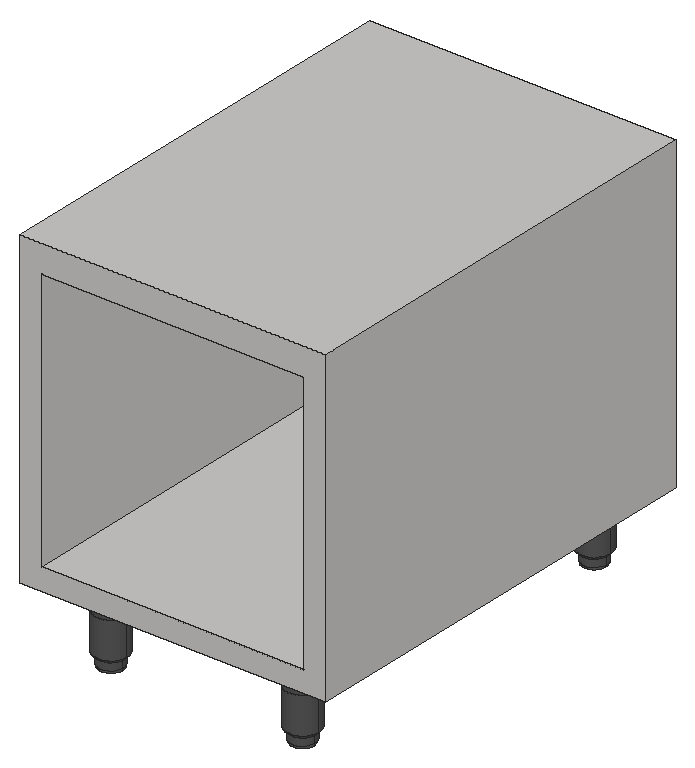
Revit family "QF_CAPIC_CELTIC_W383022", category Equipement spécialisé, Revit 2018
Family settings
  Cote de connecteur circulaire = Utiliser le diamètre
  Type d'élément = Normal
  Numéro OmniClass = 23.40.40.14
  Titre OmniClass = Food Service Equipment
  Basée sur le plan de construction = Non
  Toujours verticalement = Oui
  Couper avec des vides une fois chargée = Non
  Partagée = Non
  Point de calcul de pièce = Non
Parameters (values of type "L=500mm")
  URL catalogue = "http://www.capic-fr.com/fr/"
  Type de Raccord Plomberie [instance] = ""
  Type de Raccord Electrique [instance] = ""
  Type de Gaz = ""
  Type article [instance] = ""
  Tension = 0 V
  Spécification du Fabricant = ""
  Show Logo = yes
  Remarques evacuation [instance] = ""
  Remarques Plomberie [instance] = ""
  Remarques Electricité [instance] = ""
  Puissance électrique  = 0 W
  Puissance Gaz kW = 0
  Profondeur hors tout = 716 mm
  Pression Maximum Eau Adoucie = 0.0 Pa
  Poids net à vide = 44.00 kg
  Phase = 0
  Modèle = "W383022"
  Longueur hors tout = 500 mm
  Intensité nominale = 0 A
  Hauteur hors tout = 630 mm
  Hauteur de Raccordement du Sol Finis = 0 mm
  Hauteur de Raccordement Gaz du Sol Finis = 0 mm
  Hauteur de Raccordement Evacuation Directe du Sol Finis = 0 mm
  Hauteur de Raccordement Eau Froide du Sol Finis = 0 mm
  Hauteur de Raccordement Eau Chaude du Sol Finis = 0 mm
  Hauteur de Raccordement Eau Adoucie du Sol Finis = 0 mm
  Fréquence = 0 Hz
  Fabricant = "CAPIC"
  Débit d'air d'extraction = 0.0 m³/h
  Débit Gaz = 0.0 L/s
  Débit Eau Froide = 0.0 L/s
  Débit Eau Chaude = 0.0 L/s
  Débit Eau Adoucie = 0.0 L/s
  Diamètre de Raccordement Gaz = 0 mm
  Diamètre de Raccordement Evacuation = 0 mm
  Diamètre de Raccordement Eau Froide = 0 mm
  Diamètre de Raccordement Eau Chaude = 0 mm
  Diamètre de Raccordement Eau Adoucie = 0 mm
  Description = "Placard Ouvert"
  Assembly Code = ""
  Classification  Omniclass nombre et titre = "23.40.40.14"
Reference planes
  plane 1 "Centre (avant/arrière)": y = 0
  plane 2: z = 0
  plane 3 "Centre (gauche/droite)": x = 0
  plane 4 "Centre G/E": y = 0
  plane 5: y = -838
  plane 6: x = 500
  plane 7: x = 498
  plane 8: x = 2
  plane 9: x = 465
  plane 10: x = 457
  plane 11: y = -820
  plane 12: z = 141
  plane 13: x = 43
  plane 14: x = 35
  plane 15: y = -182
  plane 16: z = 621
  plane 17: z = 120
  plane 18: y = -122
  plane 19 "Centre G/G": y = -89
Forms (mm)
  Extrusion 1, solid, material "QF_Stainless Steel-Brushed"
    sketch origin (1480, 0, 0) x (1, 0, 0) y (0, 0, 1)
      loop
        line (-1480, 630) -> (-1480, 120) -> (-980, 120) -> (-980, 630) -> (-1480, 630)
    from 838 to 122
  Extrusion 2, void
    sketch origin (1480, 0, 0) x (1, 0, 0) y (0, 0, 1)
      loop
        line (-1445, 155.456) -> (-1015, 155.456) -> (-1015, 585.456) -> (-1445, 585.456) -> (-1445, 155.456)
    from 838 to 182
  Extrusion 3, void
    sketch origin (1480, 0, 0) x (1, 0, 0) y (0, 1, 0)
      loop
        line (-1445, -131.5) -> (-1445, -820) -> (-1015, -820) -> (-1015, -131.5) -> (-1445, -131.5)
    from 120 to 141
Cuts and joins
  Extrusion 2, Extrusion 3 cuts Extrusion 1
Dimensions and locks
  locked: plane 9 to plane 6 at 35
  "Profondeur hors tout": plane 5 to plane 18
  locked: plane 7 to plane 6 at 2
  locked: plane 3 "Centre (gauche/droite)" to plane 8 at 2
  "Longueur hors tout": plane 3 "Centre (gauche/droite)" to plane 6
  locked: plane 3 "Centre (gauche/droite)" to plane 14 at 35
  locked: plane 11 to plane 5 at 18
  locked: plane 15 to plane 5 at 656
  plane 12 to plane 17 to plane 2 = 21 mm locked, 120 mm locked
  locked: plane 10 to plane 6 at 43
  aligned and locked: level to plane 2
  aligned and locked: Extrusion 1 to Extrusion 2
  aligned and locked: cut or joined group of Extrusion 1, Extrusion 2, Extrusion 3 to plane 5
  aligned and locked: nested 1 to plane 12
  aligned and locked: nested 2 to plane 12
  aligned and locked: nested 2 to plane 11
  aligned and locked: nested 2 to plane 13
  aligned and locked: nested 1 to plane 13
  aligned and locked: nested 3 to plane 10
  aligned and locked: nested 4 to plane 10
  aligned and locked: nested 4 to plane 11
  aligned and locked: Extrusion 3 to plane 11
  aligned and locked: plane 15 to cut or joined group of Extrusion 1, Extrusion 2, Extrusion 3
  aligned and locked: plane 18 to cut or joined group of Extrusion 1, Extrusion 2, Extrusion 3
Automatic sketch dimensions
  Extrusion 1 sketch curve to plane 3 "Centre (gauche/droite)" = 0 mm
  Extrusion 1 sketch curve to plane 6 = 0 mm
  level to Extrusion 1 sketch curve = 120 mm
  Extrusion 1 sketch curve to Extrusion 1 sketch curve = 510 mm
  Extrusion 2 sketch curve to plane 9 = 0 mm
  level to Extrusion 2 sketch curve = 155.456 mm
  Extrusion 2 sketch curve to Extrusion 2 sketch curve = 430 mm
  Extrusion 3 sketch curve to plane 9 = 0 mm
  plane 1 "Centre (avant/arrière)" to Extrusion 3 sketch curve = 131.5 mm
  Extrusion 2 sketch curve to plane 8 = 33 mm
  Extrusion 3 sketch curve to plane 8 = 33 mm
  Extrusion 3 sketch curve to plane 11 = 0 mm
Nested families
  nested 1: "QF_Details_Pied" at (93, -223, 0), type "QF_Details_Pied"
  nested 2: "QF_Details_Pied" at (93, -820, 0), type "QF_Details_Pied"
  nested 3: "QF_Details_Pied" at (407, -223, 0), type "QF_Details_Pied"
  nested 4: "QF_Details_Pied" at (407, -820, 0), type "QF_Details_Pied"
Definition of nested family "QF_Details_Pied"
  Reference planes
    plane 1 "Centre (avant/arrière)": y = 0
    plane 2: z = 0
    plane 3 "Centre (gauche/droite)": x = 0
  Forms (mm)
    Extrusion 1, solid
      sketch origin (-137.492, 51.5, -340.756) x (1, 0, 0) y (0, 0, 1)
        loop
          line (87.492, 481.756) -> (87.492, 472.756) -> (187.492, 472.756) -> (187.492, 481.756) -> (87.492, 481.756)
      from -40 to 40
    Revolve 2, solid
      sketch origin (0, 51.5, -9) x (1, 0, 0) y (0, 0, 1)
        loop
          line (0, 141) -> (0, 9) -> (19.21, 9) -> (19.21, 13) -> (20.21, 13) -> (20.21, 26) -> (21.71, 26) -> (26.66, 30.95) -> (26.66, 90.95) -> (31.468, 136.698) -> (36.246, 141) -> (0, 141)
        axis (0, 141) -> (0, 9)
      angle from 0 to 360
  Dimensions and locks
    aligned and locked: level to plane 2
    aligned and locked: Extrusion 1 to Revolve 2 sketch curve
